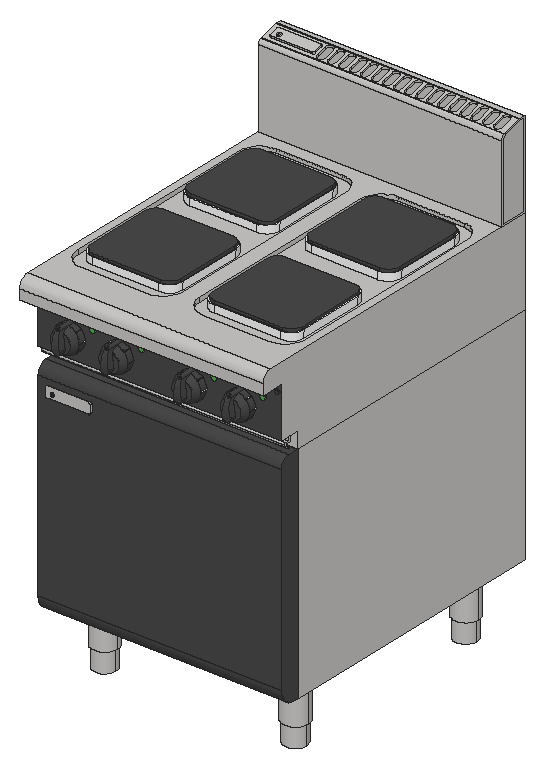
Revit family "QF_Moffat_RNB8400SE-CD_Electric_Cooktops_Sealed_Hobs_cat", category Specialty Equipment, Revit 2019 (continued)
Definition of nested family "High and Low Option"
  Definition of nested family "QF_LOGO_Waldorf"
    Forms (mm)
      Extrusion 3, solid
        sketch origin (16.271, 0, 0) x (-1, 0, 0) y (0, 0, -1)
          loop
            arc (1.521, -15.654) -> (5.846, -11.329) -> (1.521, -7.005) r 4.325
            line (1.521, -7.005) -> (1.521, -15.654)
        from 0 to 3.2
    Lines and regions (mm)
      Split face 1
        outline origin (0, -3.2, 0) x (1, 0, 0) y (0, 0, 1)
          loop
            spline (22.129, 16.975) -> (22.389, 15.984) -> (22.649, 15.002) -> (22.91, 14.028) -> (23.172, 13.065) -> (23.433, 12.11) -> (23.695, 11.166) -> (23.956, 10.232) -> (24.218, 9.308) -> (24.479, 8.396) -> (24.74, 7.495) -> (25, 6.605) -> (25.26, 5.728)
            line (25.26, 5.728) -> (29.463, 5.728)
            spline (29.463, 5.728) -> (29.582, 6.252) -> (29.701, 6.78) -> (29.82, 7.313) -> (29.939, 7.85) -> (30.058, 8.391) -> (30.178, 8.936) -> (30.297, 9.485) -> (30.416, 10.038) -> (30.536, 10.594) -> (30.655, 11.155) -> (30.775, 11.719) -> (30.894, 12.287)
            spline (30.894, 12.287) -> (31.018, 11.719) -> (31.142, 11.155) -> (31.266, 10.594) -> (31.39, 10.038) -> (31.514, 9.485) -> (31.638, 8.936) -> (31.762, 8.391) -> (31.885, 7.85) -> (32.009, 7.313) -> (32.133, 6.78) -> (32.256, 6.252) -> (32.379, 5.728)
            line (32.379, 5.728) -> (36.51, 5.728)
            spline (36.51, 5.728) -> (36.766, 6.605) -> (37.023, 7.495) -> (37.28, 8.396) -> (37.538, 9.308) -> (37.795, 10.232) -> (38.053, 11.166) -> (38.311, 12.11) -> (38.569, 13.065) -> (38.826, 14.028) -> (39.083, 15.002) -> (39.34, 15.984) -> (39.597, 16.975)
            line (39.597, 16.975) -> (35.637, 16.975)
            spline (35.637, 16.975) -> (35.523, 16.334) -> (35.41, 15.697) -> (35.296, 15.063) -> (35.182, 14.433) -> (35.068, 13.807) -> (34.954, 13.185) -> (34.84, 12.566) -> (34.726, 11.952) -> (34.612, 11.342) -> (34.497, 10.737) -> (34.383, 10.135) -> (34.269, 9.538)
            spline (34.269, 9.538) -> (34.138, 10.135) -> (34.008, 10.737) -> (33.877, 11.342) -> (33.746, 11.952) -> (33.616, 12.566) -> (33.485, 13.185) -> (33.354, 13.807) -> (33.224, 14.433) -> (33.093, 15.063) -> (32.963, 15.697) -> (32.833, 16.334) -> (32.703, 16.975)
            line (32.703, 16.975) -> (29.247, 16.975)
            spline (29.247, 16.975) -> (29.111, 16.334) -> (28.974, 15.697) -> (28.837, 15.063) -> (28.7, 14.433) -> (28.562, 13.807) -> (28.425, 13.185) -> (28.288, 12.566) -> (28.15, 11.952) -> (28.013, 11.342) -> (27.875, 10.737) -> (27.738, 10.135) -> (27.6, 9.538)
            spline (27.6, 9.538) -> (27.483, 10.135) -> (27.366, 10.737) -> (27.249, 11.342) -> (27.132, 11.952) -> (27.015, 12.566) -> (26.897, 13.185) -> (26.78, 13.807) -> (26.663, 14.433) -> (26.546, 15.063) -> (26.43, 15.697) -> (26.313, 16.334) -> (26.196, 16.975)
            line (26.196, 16.975) -> (22.129, 16.975)
      Split face 2
        outline origin (0, -3.2, 0) x (1, 0, 0) y (0, 0, 1)
          loop
            line (51.449, 5.728) -> (51.035, 6.606) -> (51.035, 11.169)
            spline (51.035, 11.169) -> (50.686, 12.42) -> (50.176, 13.224) -> (49.51, 13.708) -> (48.693, 13.995) -> (47.747, 14.152) -> (46.698, 14.207) -> (45.579, 14.186) -> (44.419, 14.114) -> (43.279, 13.929) -> (42.249, 13.481) -> (41.424, 12.614) -> (40.897, 11.169)
            line (40.897, 11.169) -> (44.617, 11.169) -> (44.988, 11.965)
            spline (44.988, 11.965) -> (47.294, 11.682) -> (46.856, 10.932) -> (45.527, 10.609) -> (43.858, 10.439) -> (42.259, 10.123) -> (41.078, 9.417) -> (40.563, 8.246) -> (40.689, 6.989) -> (41.407, 6.052) -> (42.774, 5.536) -> (44.847, 5.497) -> (47.306, 6.602)
            line (47.306, 6.602) -> (47.624, 5.728) -> (51.449, 5.728)
      Split face 3
        outline origin (0, -3.2, 0) x (1, 0, 0) y (0, 0, 1)
          loop
            line (47.264, 9.264) -> (44.938, 8.597)
            spline (44.938, 8.597) -> (44.508, 8.228) -> (44.402, 7.9) -> (44.548, 7.626) -> (44.877, 7.42) -> (45.317, 7.295) -> (45.797, 7.265) -> (46.252, 7.342) -> (46.65, 7.525) -> (46.971, 7.813) -> (47.194, 8.201) -> (47.298, 8.685) -> (47.264, 9.264)
      Split face 4
        outline origin (0, -3.2, 0) x (1, 0, 0) y (0, 0, 1)
          loop
            line (53.33, 16.975) -> (53.33, 5.728) -> (57.173, 5.728) -> (57.173, 16.975) -> (53.33, 16.975)
      Split face 5
        outline origin (0, -3.2, 0) x (1, 0, 0) y (0, 0, 1)
          loop
            line (65.795, 16.975) -> (65.795, 12.976)
            spline (65.795, 12.976) -> (63.839, 14.082) -> (62.087, 14.096) -> (60.633, 13.343) -> (59.574, 12.148) -> (58.99, 10.806) -> (58.867, 9.452) -> (59.156, 8.159) -> (59.81, 7) -> (60.786, 6.056) -> (62.111, 5.514) -> (63.868, 5.634) -> (66.137, 6.679)
            line (66.137, 6.679) -> (66.137, 5.728) -> (69.511, 5.728) -> (69.511, 16.975) -> (65.795, 16.975)
      Split face 6
        outline origin (0, -3.2, 0) x (1, 0, 0) y (0, 0, 1)
          loop
            spline (64.273, 7.499) -> (64.754, 7.57) -> (65.202, 7.777) -> (65.587, 8.106) -> (65.882, 8.535) -> (66.067, 9.034) -> (66.131, 9.57) -> (66.067, 10.106) -> (65.882, 10.605) -> (65.587, 11.034) -> (65.202, 11.363) -> (64.754, 11.57) -> (64.273, 11.64)
            spline (64.273, 11.64) -> (63.793, 11.57) -> (63.345, 11.363) -> (62.96, 11.034) -> (62.665, 10.605) -> (62.479, 10.106) -> (62.416, 9.57) -> (62.479, 9.034) -> (62.665, 8.535) -> (62.96, 8.106) -> (63.345, 7.777) -> (63.793, 7.57) -> (64.273, 7.499)
      Split face 7
        outline origin (0, -3.2, 0) x (1, 0, 0) y (0, 0, 1)
          loop
            spline (76.449, 5.305) -> (77.855, 5.457) -> (79.166, 5.901) -> (80.291, 6.607) -> (81.155, 7.527) -> (81.698, 8.599) -> (81.883, 9.749) -> (81.698, 10.899) -> (81.155, 11.97) -> (80.291, 12.891) -> (79.166, 13.597) -> (77.855, 14.041) -> (76.449, 14.192)
            spline (76.449, 14.192) -> (75.042, 14.041) -> (73.731, 13.597) -> (72.606, 12.891) -> (71.742, 11.97) -> (71.199, 10.899) -> (71.014, 9.749) -> (71.199, 8.599) -> (71.742, 7.527) -> (72.606, 6.607) -> (73.731, 5.901) -> (75.042, 5.457) -> (76.449, 5.305)
      Split face 8
        outline origin (0, -3.2, 0) x (1, 0, 0) y (0, 0, 1)
          loop
            spline (76.449, 7.654) -> (76.841, 7.725) -> (77.206, 7.934) -> (77.52, 8.267) -> (77.76, 8.701) -> (77.912, 9.206) -> (77.963, 9.749) -> (77.912, 10.291) -> (77.76, 10.796) -> (77.52, 11.23) -> (77.206, 11.563) -> (76.841, 11.772) -> (76.449, 11.843)
            spline (76.449, 11.843) -> (76.057, 11.772) -> (75.691, 11.563) -> (75.378, 11.23) -> (75.137, 10.796) -> (74.986, 10.291) -> (74.934, 9.749) -> (74.986, 9.206) -> (75.137, 8.701) -> (75.378, 8.267) -> (75.691, 7.934) -> (76.057, 7.725) -> (76.449, 7.654)
      Split face 9
        outline origin (0, -3.2, 0) x (1, 0, 0) y (0, 0, 1)
          loop
            line (86.998, 12.335) -> (86.998, 13.879) -> (83.479, 13.879) -> (83.479, 5.728) -> (87.312, 5.728) -> (87.312, 8.975)
            spline (87.312, 8.975) -> (87.364, 9.356) -> (87.458, 9.686) -> (87.594, 9.968) -> (87.769, 10.204) -> (87.982, 10.398) -> (88.229, 10.55) -> (88.509, 10.666) -> (88.82, 10.746) -> (89.16, 10.794) -> (89.525, 10.812) -> (89.915, 10.803) -> (90.327, 10.77)
            line (90.327, 10.77) -> (90.327, 14.113)
            spline (90.327, 14.113) -> (89.929, 14.127) -> (89.552, 14.111) -> (89.197, 14.066) -> (88.865, 13.991) -> (88.554, 13.887) -> (88.266, 13.754) -> (87.999, 13.591) -> (87.755, 13.399) -> (87.532, 13.177) -> (87.332, 12.926) -> (87.154, 12.645) -> (86.998, 12.335)
      Split face 10
        outline origin (0, -3.2, 0) x (1, 0, 0) y (0, 0, 1)
          loop
            line (92.082, 13.879) -> (90.894, 13.879) -> (90.894, 11.972) -> (92.082, 11.972) -> (92.082, 5.728) -> (95.871, 5.728) -> (95.871, 11.972) -> (97.5, 11.972) -> (97.5, 13.879) -> (95.871, 13.879)
            spline (95.871, 13.879) -> (95.843, 14.088) -> (95.845, 14.278) -> (95.877, 14.447) -> (95.939, 14.596) -> (96.03, 14.726) -> (96.151, 14.835) -> (96.301, 14.925) -> (96.482, 14.995) -> (96.692, 15.045) -> (96.931, 15.075) -> (97.201, 15.085) -> (97.5, 15.076)
            line (97.5, 15.076) -> (97.5, 17.266) -> (95.367, 17.266)
            spline (95.367, 17.266) -> (94.982, 17.253) -> (94.58, 17.21) -> (94.174, 17.132) -> (93.774, 17.013) -> (93.39, 16.846) -> (93.034, 16.627) -> (92.717, 16.349) -> (92.448, 16.007) -> (92.24, 15.595) -> (92.102, 15.106) -> (92.046, 14.537) -> (92.082, 13.879)
    Dimensions and locks
      equal spacing: plane 3 "LEFT", plane 7 "Center Y", plane 4 "RIGHT"
      "Length": plane 3 "LEFT" to plane 4 "RIGHT"
      equal spacing: plane 5 "FRONT", plane 8 "Center X", plane 1 "BACK"
      "Depth": plane 5 "FRONT" to plane 1 "BACK"
      "Height": plane 6 "TOP" to level
      plane 4 "RIGHT" to plane 3 "LEFT" = 138 mm
      aligned and locked: level to plane 2
    Automatic sketch dimensions
      Extrusion 1 sketch curve to plane 3 "LEFT" = 0 mm
      Extrusion 1 sketch curve to plane 6 "TOP" = 0 mm
      Extrusion 1 sketch curve to level = 0 mm
      plane 3 "LEFT" to Extrusion 1 sketch curve = 4 mm  (x2)
      Extrusion 1 sketch curve to Extrusion 1 sketch curve = 10.75 mm
      Extrusion 1 sketch curve to Extrusion 1 sketch curve = 0.5 mm
      plane 4 "RIGHT" to Extrusion 1 sketch curve = 33 mm
      Extrusion 1 sketch curve to Extrusion 1 sketch curve = 0 mm  (x3)
      Extrusion 1 sketch curve to Extrusion 1 sketch curve = 4 mm
      level to Extrusion 1 sketch curve = 3.464 mm  (x2)
      level to Extrusion 1 sketch curve = 7.005 mm
      Extrusion 1 sketch curve to Extrusion 1 sketch curve = 4.325 mm
      Extrusion 1 sketch curve to plane 6 "TOP" = 3.464 mm  (x2)
      Extrusion 2 sketch curve to Extrusion 2 sketch curve = 4.325 mm
      level to Extrusion 2 sketch curve = 7.005 mm
      plane 3 "LEFT" to Extrusion 2 sketch curve = 15.25 mm
      Extrusion 3 sketch curve to Extrusion 3 sketch curve = 4.325 mm
      Extrusion 3 sketch curve to level = 7.005 mm
      Extrusion 3 sketch curve to plane 3 "LEFT" = 14.75 mm
      Extrusion 1 to Split face 1 sketch curve = 6.879 mm
      Split face 1 sketch curve to Extrusion 1 = 5.728 mm
      Split face 1 sketch curve to Split face 1 sketch curve = 3.132 mm
      Split face 1 sketch curve to Split face 1 sketch curve = 4.068 mm
      Split face 1 sketch curve to Split face 1 sketch curve = 3.051 mm
      Split face 1 sketch curve to Split face 1 sketch curve = 4.203 mm
      Split face 1 sketch curve to Split face 1 sketch curve = 2.916 mm
      Split face 1 sketch curve to Split face 1 sketch curve = 3.456 mm
      Split face 1 sketch curve to Split face 1 sketch curve = 2.934 mm
      Split face 1 sketch curve to Split face 1 sketch curve = 4.131 mm
      Split face 1 sketch curve to Split face 1 sketch curve = 3.96 mm
      Split face 1 sketch curve to Split face 1 sketch curve = 0 mm  (x2)
      Split face 1 sketch curve to Extrusion 1 = 9.736 mm  (x2)
      Extrusion 1 to Split face 1 sketch curve = 6.337 mm
      Extrusion 1 to Split face 1 sketch curve = 6.231 mm
      Extrusion 1 to Split face 1 sketch curve = 3.184 mm
      Extrusion 1 to Split face 1 sketch curve = 13.135 mm
      Split face 1 sketch curve to Split face 1 sketch curve = 4.652 mm
      Split face 1 sketch curve to Split face 1 sketch curve = 3.593 mm
      Split face 1 sketch curve to Split face 1 sketch curve = 1.863 mm
      Split face 1 sketch curve to Split face 1 sketch curve = 0.713 mm
      Split face 1 sketch curve to Split face 1 sketch curve = 2.684 mm
      Split face 1 sketch curve to Split face 1 sketch curve = 3.294 mm
      Split face 1 sketch curve to Split face 1 sketch curve = 0.459 mm
      Split face 1 sketch curve to Split face 1 sketch curve = 2.775 mm
      Split face 1 sketch curve to Split face 1 sketch curve = 1.89 mm
      Split face 1 sketch curve to Split face 1 sketch curve = 0.685 mm
      Split face 1 sketch curve to Split face 1 sketch curve = 9.486 mm
      Split face 1 sketch curve to Split face 1 sketch curve = 16.213 mm
      Split face 1 sketch curve to Split face 1 sketch curve = 3.48 mm
      Split face 1 sketch curve to Split face 1 sketch curve = 4.918 mm
      Split face 1 sketch curve to Split face 1 sketch curve = 7.609 mm
      Split face 1 sketch curve to Split face 1 sketch curve = 0.01 mm  (x2)
      Split face 1 sketch curve to Split face 1 sketch curve = 0.002 mm
      Split face 2 sketch curve to Extrusion 1 = 11.169 mm
      Extrusion 1 to Split face 2 sketch curve = 25.647 mm
      Split face 2 sketch curve to Split face 2 sketch curve = 3.72 mm
      Split face 2 sketch curve to Extrusion 1 = 11.965 mm
      Split face 2 sketch curve to Split face 2 sketch curve = 0.371 mm
      Split face 2 sketch curve to Extrusion 1 = 6.602 mm
      Split face 2 sketch curve to Split face 2 sketch curve = 2.689 mm
      Split face 2 sketch curve to Split face 2 sketch curve = 0.318 mm
      Split face 2 sketch curve to Split face 2 sketch curve = 3.729 mm
      Split face 2 sketch curve to Split face 2 sketch curve = 0.414 mm
      Split face 2 sketch curve to Split face 2 sketch curve = 0.875 mm
      Split face 2 sketch curve to Split face 2 sketch curve = 0.878 mm
      Split face 3 sketch curve to Extrusion 1 = 8.597 mm
      Extrusion 1 to Split face 3 sketch curve = 29.688 mm
      Split face 3 sketch curve to Extrusion 1 = 9.264 mm
      Split face 3 sketch curve to Split face 3 sketch curve = 2.326 mm
      Split face 4 sketch curve to Extrusion 1 = 5.728 mm
      Extrusion 1 to Split face 4 sketch curve = 38.08 mm
      Split face 4 sketch curve to Split face 4 sketch curve = 3.843 mm
      Split face 4 sketch curve to Extrusion 1 = 9.736 mm
      Split face 5 sketch curve to Extrusion 1 = 12.976 mm
      Split face 5 sketch curve to Extrusion 1 = 43.205 mm
      Split face 5 sketch curve to Extrusion 1 = 6.679 mm
      Split face 5 sketch curve to Split face 5 sketch curve = 0.342 mm
      Split face 5 sketch curve to Split face 5 sketch curve = 3.375 mm
      Split face 5 sketch curve to Split face 5 sketch curve = 0.952 mm
      Split face 5 sketch curve to Split face 5 sketch curve = 3.998 mm
      Split face 6 sketch curve to Extrusion 1 = 7.499 mm
      Split face 6 sketch curve to Extrusion 1 = 44.727 mm
      Split face 6 sketch curve to Split face 6 sketch curve = 2.07 mm
      Split face 7 sketch curve to Extrusion 1 = 5.305 mm
      Split face 7 sketch curve to Extrusion 1 = 32.551 mm
      Split face 7 sketch curve to Split face 7 sketch curve = 4.443 mm
      Split face 8 sketch curve to Split face 8 sketch curve = 2.095 mm
      Split face 8 sketch curve to Extrusion 1 = 7.654 mm
      Split face 8 sketch curve to Extrusion 1 = 32.551 mm
      Split face 9 sketch curve to Extrusion 1 = 5.728 mm
      Split face 9 sketch curve to Extrusion 1 = 25.521 mm
      Split face 9 sketch curve to Split face 9 sketch curve = 3.519 mm
      Split face 9 sketch curve to Split face 9 sketch curve = 0.315 mm
      Split face 9 sketch curve to Split face 9 sketch curve = 3.33 mm
      Split face 9 sketch curve to Split face 9 sketch curve = 3.248 mm
      Split face 9 sketch curve to Split face 9 sketch curve = 1.795 mm
      Split face 9 sketch curve to Split face 9 sketch curve = 3.36 mm
      Split face 9 sketch curve to Split face 9 sketch curve = 1.545 mm
      Split face 9 sketch curve to Split face 9 sketch curve = 0.233 mm
      Split face 10 sketch curve to Extrusion 1 = 18.106 mm
      Split face 10 sketch curve to Split face 10 sketch curve = 1.188 mm  (x2)
      Split face 10 sketch curve to Split face 10 sketch curve = 3.285 mm
      Split face 10 sketch curve to Split face 10 sketch curve = 3.789 mm
      Split face 10 sketch curve to Split face 10 sketch curve = 0 mm  (x2)
      Split face 10 sketch curve to Split face 10 sketch curve = 1.629 mm
      Split face 10 sketch curve to Split face 10 sketch curve = 2.133 mm
      Split face 10 sketch curve to Extrusion 1 = 5.728 mm
      Split face 10 sketch curve to Split face 10 sketch curve = 6.245 mm
      Split face 10 sketch curve to Split face 10 sketch curve = 1.907 mm  (x2)
      Split face 10 sketch curve to Split face 10 sketch curve = 1.197 mm
      Split face 10 sketch curve to Split face 10 sketch curve = 2.19 mm
  Definition of nested family "QF_LOGO_Waldorf1"
    Parameters (values of type "QF_LOGO_Waldorf1")
      Weight in Pounds = 0
      URL Cutsheet = ""
      Specification by User = ""
      Specification by Manufacturer = ""
      Serial Number = ""
      Seismic Rating = ""
      SMACNA No = ""
      Revision Code = ""
      NAFEM Spec ID Number = ""
      Masterspec = ""
      Length = 138 mm
      Item Number = ""
      Installed By = ""
      Identify Quantity as Lot = yes
      Height = 26.711 mm
      Furnished By = ""
      Foodservice Equipment Identifier = yes
      Depth = 3.175 mm
      CSI MasterFormat = ""
    Reference planes
      plane 1 "BACK": y = 0
      plane 2: z = 0
      plane 3 "LEFT": x = 0
      plane 4 "RIGHT": x = 138
      plane 5 "FRONT": y = -3.175
      plane 6 "TOP": z = 26.711
      plane 7 "Center Y": x = 69
      plane 8 "Center X": y = -1.587
    Forms (mm)
      Extrusion 1, solid
        sketch origin (0, -12.9, 9.899) x (1, 0, 0) y (0, 0.965926, 0.258819)
          loop
            line (109, 3.464) -> (109, 23.247)
            spline (109, 23.247) -> (108.966, 23.699) -> (108.864, 24.143) -> (108.696, 24.572) -> (108.464, 24.979) -> (108.173, 25.355) -> (107.828, 25.696) -> (107.435, 25.995) -> (107, 26.247) -> (106.531, 26.447) -> (106.035, 26.593) -> (105.522, 26.681) -> (105, 26.711)
            line (105, 26.711) -> (4, 26.711)
            spline (4, 26.711) -> (3.478, 26.681) -> (2.965, 26.593) -> (2.469, 26.447) -> (2, 26.247) -> (1.565, 25.995) -> (1.172, 25.696) -> (0.827, 25.355) -> (0.536, 24.979) -> (0.304, 24.572) -> (0.136, 24.143) -> (0.034, 23.699) -> (0, 23.247)
            line (0, 23.247) -> (0, 3.464)
            spline (0, 3.464) -> (0.034, 3.012) -> (0.136, 2.568) -> (0.304, 2.138) -> (0.536, 1.732) -> (0.827, 1.355) -> (1.172, 1.015) -> (1.565, 0.716) -> (2, 0.464) -> (2.469, 0.264) -> (2.965, 0.118) -> (3.478, 0.03) -> (4, 0)
            line (4, 0) -> (105, 0)
            spline (105, 0) -> (105.522, 0.03) -> (106.035, 0.118) -> (106.531, 0.264) -> (107, 0.464) -> (107.435, 0.716) -> (107.828, 1.015) -> (108.173, 1.355) -> (108.464, 1.732) -> (108.696, 2.138) -> (108.864, 2.568) -> (108.966, 3.012) -> (109, 3.464)
          loop
            line (14.75, 7.005) -> (14.75, 15.654)
            arc (14.75, 15.654) -> (10.425, 11.329) -> (14.75, 7.005) r 4.325
          loop
            line (15.25, 15.654) -> (15.25, 7.005)
            arc (15.25, 7.005) -> (19.575, 11.329) -> (15.25, 15.654) r 4.325
        from 0 to 3.2
      Extrusion 2, solid
        sketch origin (0, -12.9, 9.899) x (1, 0, 0) y (0, 0.965926, 0.258819)
          loop
            line (15.25, 15.654) -> (15.25, 7.005)
            arc (15.25, 7.005) -> (19.575, 11.329) -> (15.25, 15.654) r 4.325
        from 0 to 3.2
      Extrusion 3, solid
        sketch origin (16.271, -12.9, 9.899) x (-1, 0, 0) y (0, -0.965926, -0.258819)
          loop
            arc (1.521, -15.654) -> (5.846, -11.329) -> (1.521, -7.005) r 4.325
            line (1.521, -7.005) -> (1.521, -15.654)
        from 0 to 3.2
    Lines and regions (mm)
      Split face 1
        outline origin (0, -13.729, 12.99) x (1, 0, 0) y (0, 0.965926, 0.258819)
          loop
            spline (22.129, 16.975) -> (22.389, 15.984) -> (22.649, 15.002) -> (22.91, 14.028) -> (23.172, 13.065) -> (23.433, 12.11) -> (23.695, 11.166) -> (23.956, 10.232) -> (24.218, 9.308) -> (24.479, 8.396) -> (24.74, 7.495) -> (25, 6.605) -> (25.26, 5.728)
            line (25.26, 5.728) -> (29.463, 5.728)
            spline (29.463, 5.728) -> (29.582, 6.252) -> (29.701, 6.78) -> (29.82, 7.313) -> (29.939, 7.85) -> (30.058, 8.391) -> (30.178, 8.936) -> (30.297, 9.485) -> (30.416, 10.038) -> (30.536, 10.594) -> (30.655, 11.155) -> (30.775, 11.719) -> (30.894, 12.287)
            spline (30.894, 12.287) -> (31.018, 11.719) -> (31.142, 11.155) -> (31.266, 10.594) -> (31.39, 10.038) -> (31.514, 9.485) -> (31.638, 8.936) -> (31.762, 8.391) -> (31.885, 7.85) -> (32.009, 7.313) -> (32.133, 6.78) -> (32.256, 6.252) -> (32.379, 5.728)
            line (32.379, 5.728) -> (36.51, 5.728)
            spline (36.51, 5.728) -> (36.766, 6.605) -> (37.023, 7.495) -> (37.28, 8.396) -> (37.538, 9.308) -> (37.795, 10.232) -> (38.053, 11.166) -> (38.311, 12.11) -> (38.569, 13.065) -> (38.826, 14.028) -> (39.083, 15.002) -> (39.34, 15.984) -> (39.597, 16.975)
            line (39.597, 16.975) -> (35.637, 16.975)
            spline (35.637, 16.975) -> (35.523, 16.334) -> (35.41, 15.697) -> (35.296, 15.063) -> (35.182, 14.433) -> (35.068, 13.807) -> (34.954, 13.185) -> (34.84, 12.566) -> (34.726, 11.952) -> (34.612, 11.342) -> (34.497, 10.737) -> (34.383, 10.135) -> (34.269, 9.538)
            spline (34.269, 9.538) -> (34.138, 10.135) -> (34.008, 10.737) -> (33.877, 11.342) -> (33.746, 11.952) -> (33.616, 12.566) -> (33.485, 13.185) -> (33.354, 13.807) -> (33.224, 14.433) -> (33.093, 15.063) -> (32.963, 15.697) -> (32.833, 16.334) -> (32.703, 16.975)
            line (32.703, 16.975) -> (29.247, 16.975)
            spline (29.247, 16.975) -> (29.111, 16.334) -> (28.974, 15.697) -> (28.837, 15.063) -> (28.7, 14.433) -> (28.562, 13.807) -> (28.425, 13.185) -> (28.288, 12.566) -> (28.15, 11.952) -> (28.013, 11.342) -> (27.875, 10.737) -> (27.738, 10.135) -> (27.6, 9.538)
            spline (27.6, 9.538) -> (27.483, 10.135) -> (27.366, 10.737) -> (27.249, 11.342) -> (27.132, 11.952) -> (27.015, 12.566) -> (26.897, 13.185) -> (26.78, 13.807) -> (26.663, 14.433) -> (26.546, 15.063) -> (26.43, 15.697) -> (26.313, 16.334) -> (26.196, 16.975)
            line (26.196, 16.975) -> (22.129, 16.975)
      Split face 2
        outline origin (0, -13.729, 12.99) x (1, 0, 0) y (0, 0.965926, 0.258819)
          loop
            line (51.449, 5.728) -> (51.035, 6.606) -> (51.035, 11.169)
            spline (51.035, 11.169) -> (50.686, 12.42) -> (50.176, 13.224) -> (49.51, 13.708) -> (48.693, 13.995) -> (47.747, 14.152) -> (46.698, 14.207) -> (45.579, 14.186) -> (44.419, 14.114) -> (43.279, 13.929) -> (42.249, 13.481) -> (41.424, 12.614) -> (40.897, 11.169)
            line (40.897, 11.169) -> (44.617, 11.169) -> (44.988, 11.965)
            spline (44.988, 11.965) -> (47.294, 11.682) -> (46.856, 10.932) -> (45.527, 10.609) -> (43.858, 10.439) -> (42.259, 10.123) -> (41.078, 9.417) -> (40.563, 8.246) -> (40.689, 6.989) -> (41.407, 6.052) -> (42.774, 5.536) -> (44.847, 5.497) -> (47.306, 6.602)
            line (47.306, 6.602) -> (47.624, 5.728) -> (51.449, 5.728)
      Split face 3
        outline origin (0, -13.729, 12.99) x (1, 0, 0) y (0, 0.965926, 0.258819)
          loop
            line (47.264, 9.264) -> (44.938, 8.597)
            spline (44.938, 8.597) -> (44.508, 8.228) -> (44.402, 7.9) -> (44.548, 7.626) -> (44.877, 7.42) -> (45.317, 7.295) -> (45.797, 7.265) -> (46.252, 7.342) -> (46.65, 7.525) -> (46.971, 7.813) -> (47.194, 8.201) -> (47.298, 8.685) -> (47.264, 9.264)
      Split face 4
        outline origin (0, -13.729, 12.99) x (1, 0, 0) y (0, 0.965926, 0.258819)
          loop
            line (53.33, 16.975) -> (53.33, 5.728) -> (57.173, 5.728) -> (57.173, 16.975) -> (53.33, 16.975)
      Split face 5
        outline origin (0, -13.729, 12.99) x (1, 0, 0) y (0, 0.965926, 0.258819)
          loop
            line (65.795, 16.975) -> (65.795, 12.976)
            spline (65.795, 12.976) -> (63.839, 14.082) -> (62.087, 14.096) -> (60.633, 13.343) -> (59.574, 12.148) -> (58.99, 10.806) -> (58.867, 9.452) -> (59.156, 8.159) -> (59.81, 7) -> (60.786, 6.056) -> (62.111, 5.514) -> (63.868, 5.634) -> (66.137, 6.679)
            line (66.137, 6.679) -> (66.137, 5.728) -> (69.511, 5.728) -> (69.511, 16.975) -> (65.795, 16.975)
      Split face 6
        outline origin (0, -13.729, 12.99) x (1, 0, 0) y (0, 0.965926, 0.258819)
          loop
            spline (64.273, 7.499) -> (64.754, 7.57) -> (65.202, 7.777) -> (65.587, 8.106) -> (65.882, 8.535) -> (66.067, 9.034) -> (66.131, 9.57) -> (66.067, 10.106) -> (65.882, 10.605) -> (65.587, 11.034) -> (65.202, 11.363) -> (64.754, 11.57) -> (64.273, 11.64)
            spline (64.273, 11.64) -> (63.793, 11.57) -> (63.345, 11.363) -> (62.96, 11.034) -> (62.665, 10.605) -> (62.479, 10.106) -> (62.416, 9.57) -> (62.479, 9.034) -> (62.665, 8.535) -> (62.96, 8.106) -> (63.345, 7.777) -> (63.793, 7.57) -> (64.273, 7.499)
      Split face 7
        outline origin (0, -13.729, 12.99) x (1, 0, 0) y (0, 0.965926, 0.258819)
          loop
            spline (76.449, 5.305) -> (77.855, 5.457) -> (79.166, 5.901) -> (80.291, 6.607) -> (81.155, 7.527) -> (81.698, 8.599) -> (81.883, 9.749) -> (81.698, 10.899) -> (81.155, 11.97) -> (80.291, 12.891) -> (79.166, 13.597) -> (77.855, 14.041) -> (76.449, 14.192)
            spline (76.449, 14.192) -> (75.042, 14.041) -> (73.731, 13.597) -> (72.606, 12.891) -> (71.742, 11.97) -> (71.199, 10.899) -> (71.014, 9.749) -> (71.199, 8.599) -> (71.742, 7.527) -> (72.606, 6.607) -> (73.731, 5.901) -> (75.042, 5.457) -> (76.449, 5.305)
      Split face 8
        outline origin (0, -13.729, 12.99) x (1, 0, 0) y (0, 0.965926, 0.258819)
          loop
            spline (76.449, 7.654) -> (76.841, 7.725) -> (77.206, 7.934) -> (77.52, 8.267) -> (77.76, 8.701) -> (77.912, 9.206) -> (77.963, 9.749) -> (77.912, 10.291) -> (77.76, 10.796) -> (77.52, 11.23) -> (77.206, 11.563) -> (76.841, 11.772) -> (76.449, 11.843)
            spline (76.449, 11.843) -> (76.057, 11.772) -> (75.691, 11.563) -> (75.378, 11.23) -> (75.137, 10.796) -> (74.986, 10.291) -> (74.934, 9.749) -> (74.986, 9.206) -> (75.137, 8.701) -> (75.378, 8.267) -> (75.691, 7.934) -> (76.057, 7.725) -> (76.449, 7.654)
      Split face 9
        outline origin (0, -13.729, 12.99) x (1, 0, 0) y (0, 0.965926, 0.258819)
          loop
            line (86.998, 12.335) -> (86.998, 13.879) -> (83.479, 13.879) -> (83.479, 5.728) -> (87.312, 5.728) -> (87.312, 8.975)
            spline (87.312, 8.975) -> (87.364, 9.356) -> (87.458, 9.686) -> (87.594, 9.968) -> (87.769, 10.204) -> (87.982, 10.398) -> (88.229, 10.55) -> (88.509, 10.666) -> (88.82, 10.746) -> (89.16, 10.794) -> (89.525, 10.812) -> (89.915, 10.803) -> (90.327, 10.77)
            line (90.327, 10.77) -> (90.327, 14.113)
            spline (90.327, 14.113) -> (89.929, 14.127) -> (89.552, 14.111) -> (89.197, 14.066) -> (88.865, 13.991) -> (88.554, 13.887) -> (88.266, 13.754) -> (87.999, 13.591) -> (87.755, 13.399) -> (87.532, 13.177) -> (87.332, 12.926) -> (87.154, 12.645) -> (86.998, 12.335)
      Split face 10
        outline origin (0, -13.729, 12.99) x (1, 0, 0) y (0, 0.965926, 0.258819)
          loop
            line (92.082, 13.879) -> (90.894, 13.879) -> (90.894, 11.972) -> (92.082, 11.972) -> (92.082, 5.728) -> (95.871, 5.728) -> (95.871, 11.972) -> (97.5, 11.972) -> (97.5, 13.879) -> (95.871, 13.879)
            spline (95.871, 13.879) -> (95.843, 14.088) -> (95.845, 14.278) -> (95.877, 14.447) -> (95.939, 14.596) -> (96.03, 14.726) -> (96.151, 14.835) -> (96.301, 14.925) -> (96.482, 14.995) -> (96.692, 15.045) -> (96.931, 15.075) -> (97.201, 15.085) -> (97.5, 15.076)
            line (97.5, 15.076) -> (97.5, 17.266) -> (95.367, 17.266)
            spline (95.367, 17.266) -> (94.982, 17.253) -> (94.58, 17.21) -> (94.174, 17.132) -> (93.774, 17.013) -> (93.39, 16.846) -> (93.034, 16.627) -> (92.717, 16.349) -> (92.448, 16.007) -> (92.24, 15.595) -> (92.102, 15.106) -> (92.046, 14.537) -> (92.082, 13.879)
    Dimensions and locks
      equal spacing: plane 3 "LEFT", plane 7 "Center Y", plane 4 "RIGHT"
      "Length": plane 3 "LEFT" to plane 4 "RIGHT"
      equal spacing: plane 5 "FRONT", plane 8 "Center X", plane 1 "BACK"
      "Depth": plane 5 "FRONT" to plane 1 "BACK"
      "Height": plane 6 "TOP" to level
      plane 4 "RIGHT" to plane 3 "LEFT" = 138 mm
      aligned and locked: level to plane 2
    Automatic sketch dimensions
      Extrusion 1 sketch curve to plane 3 "LEFT" = 0 mm
      plane 3 "LEFT" to Extrusion 1 sketch curve = 4 mm  (x2)
      Extrusion 1 sketch curve to Extrusion 1 sketch curve = 10.75 mm
      Extrusion 1 sketch curve to Extrusion 1 sketch curve = 0.5 mm
      plane 4 "RIGHT" to Extrusion 1 sketch curve = 33 mm
      Extrusion 1 sketch curve to Extrusion 1 sketch curve = 0 mm  (x3)
      Extrusion 1 sketch curve to Extrusion 1 sketch curve = 4 mm
      Extrusion 1 sketch curve to Extrusion 1 sketch curve = 3.464 mm  (x3)
      Extrusion 1 sketch curve to Extrusion 1 sketch curve = 3.541 mm
      Extrusion 1 sketch curve to Extrusion 1 sketch curve = 4.325 mm
      Extrusion 1 sketch curve to Extrusion 1 sketch curve = 19.783 mm
      Extrusion 1 sketch curve to Extrusion 1 sketch curve = 7.592 mm
      plane 3 "LEFT" to Extrusion 2 sketch curve = 15.25 mm
      Extrusion 2 sketch curve to Extrusion 2 sketch curve = 4.325 mm
      plane 3 "LEFT" to Extrusion 3 sketch curve = 14.75 mm
      Extrusion 3 sketch curve to Extrusion 3 sketch curve = 4.325 mm
      Extrusion 1 to Split face 1 sketch curve = 6.879 mm
      Split face 1 sketch curve to Extrusion 1 = 5.728 mm
      Split face 1 sketch curve to Split face 1 sketch curve = 3.132 mm
      Split face 1 sketch curve to Split face 1 sketch curve = 4.068 mm
      Split face 1 sketch curve to Split face 1 sketch curve = 3.051 mm
      Split face 1 sketch curve to Split face 1 sketch curve = 4.203 mm
      Split face 1 sketch curve to Split face 1 sketch curve = 2.916 mm
      Split face 1 sketch curve to Split face 1 sketch curve = 3.456 mm
      Split face 1 sketch curve to Split face 1 sketch curve = 2.934 mm
      Split face 1 sketch curve to Split face 1 sketch curve = 4.131 mm
      Split face 1 sketch curve to Split face 1 sketch curve = 3.96 mm
      Split face 1 sketch curve to Split face 1 sketch curve = 0 mm  (x2)
      Split face 1 sketch curve to Extrusion 1 = 9.736 mm  (x2)
      Extrusion 1 to Split face 1 sketch curve = 6.337 mm
      Extrusion 1 to Split face 1 sketch curve = 6.231 mm
      Extrusion 1 to Split face 1 sketch curve = 3.184 mm
      Extrusion 1 to Split face 1 sketch curve = 13.135 mm
      Split face 1 sketch curve to Split face 1 sketch curve = 4.652 mm
      Split face 1 sketch curve to Split face 1 sketch curve = 3.593 mm
      Split face 1 sketch curve to Split face 1 sketch curve = 1.863 mm
      Split face 1 sketch curve to Split face 1 sketch curve = 0.713 mm
      Split face 1 sketch curve to Split face 1 sketch curve = 2.684 mm
      Split face 1 sketch curve to Split face 1 sketch curve = 3.294 mm
      Split face 1 sketch curve to Split face 1 sketch curve = 0.459 mm
      Split face 1 sketch curve to Split face 1 sketch curve = 2.775 mm
      Split face 1 sketch curve to Split face 1 sketch curve = 1.89 mm
      Split face 1 sketch curve to Split face 1 sketch curve = 0.685 mm
      Split face 1 sketch curve to Split face 1 sketch curve = 9.486 mm
      Split face 1 sketch curve to Split face 1 sketch curve = 16.213 mm
      Split face 1 sketch curve to Split face 1 sketch curve = 3.48 mm
      Split face 1 sketch curve to Split face 1 sketch curve = 4.918 mm
      Split face 1 sketch curve to Split face 1 sketch curve = 7.609 mm
      Split face 1 sketch curve to Split face 1 sketch curve = 0.01 mm  (x2)
      Split face 1 sketch curve to Split face 1 sketch curve = 0.002 mm
      Split face 2 sketch curve to Extrusion 1 = 11.169 mm
      Extrusion 1 to Split face 2 sketch curve = 25.647 mm
      Split face 2 sketch curve to Split face 2 sketch curve = 3.72 mm
      Split face 2 sketch curve to Extrusion 1 = 11.965 mm
      Split face 2 sketch curve to Split face 2 sketch curve = 0.371 mm
      Split face 2 sketch curve to Extrusion 1 = 6.602 mm
      Split face 2 sketch curve to Split face 2 sketch curve = 2.689 mm
      Split face 2 sketch curve to Split face 2 sketch curve = 0.318 mm
      Split face 2 sketch curve to Split face 2 sketch curve = 3.729 mm
      Split face 2 sketch curve to Split face 2 sketch curve = 0.414 mm
      Split face 2 sketch curve to Split face 2 sketch curve = 0.875 mm
      Split face 2 sketch curve to Split face 2 sketch curve = 0.878 mm
      Split face 3 sketch curve to Extrusion 1 = 8.597 mm
      Extrusion 1 to Split face 3 sketch curve = 29.688 mm
      Split face 3 sketch curve to Extrusion 1 = 9.264 mm
      Split face 3 sketch curve to Split face 3 sketch curve = 2.326 mm
      Split face 4 sketch curve to Extrusion 1 = 5.728 mm
      Extrusion 1 to Split face 4 sketch curve = 38.08 mm
      Split face 4 sketch curve to Split face 4 sketch curve = 3.843 mm
      Split face 4 sketch curve to Extrusion 1 = 9.736 mm
      Split face 5 sketch curve to Extrusion 1 = 9.736 mm
      Split face 5 sketch curve to Extrusion 1 = 43.205 mm
      Split face 5 sketch curve to Extrusion 1 = 6.679 mm
      Split face 5 sketch curve to Split face 5 sketch curve = 0.342 mm
      Split face 5 sketch curve to Split face 5 sketch curve = 3.375 mm
      Split face 5 sketch curve to Split face 5 sketch curve = 0.952 mm
      Split face 5 sketch curve to Split face 5 sketch curve = 3.998 mm
      Split face 6 sketch curve to Extrusion 1 = 7.499 mm
      Split face 6 sketch curve to Extrusion 1 = 44.727 mm
      Split face 6 sketch curve to Split face 6 sketch curve = 2.07 mm
      Split face 7 sketch curve to Extrusion 1 = 5.305 mm
      Split face 7 sketch curve to Extrusion 1 = 32.551 mm
      Split face 7 sketch curve to Split face 7 sketch curve = 4.443 mm
      Split face 8 sketch curve to Extrusion 1 = 7.654 mm
      Split face 8 sketch curve to Extrusion 1 = 32.551 mm
      Split face 8 sketch curve to Split face 8 sketch curve = 2.095 mm
      Split face 9 sketch curve to Extrusion 1 = 5.728 mm
      Split face 9 sketch curve to Extrusion 1 = 25.521 mm
      Split face 9 sketch curve to Split face 9 sketch curve = 3.519 mm
      Split face 9 sketch curve to Split face 9 sketch curve = 0.315 mm
      Split face 9 sketch curve to Split face 9 sketch curve = 3.33 mm
      Split face 9 sketch curve to Split face 9 sketch curve = 3.248 mm
      Split face 9 sketch curve to Split face 9 sketch curve = 1.795 mm
      Split face 9 sketch curve to Split face 9 sketch curve = 3.36 mm
      Split face 9 sketch curve to Split face 9 sketch curve = 1.545 mm
      Split face 9 sketch curve to Split face 9 sketch curve = 0.233 mm
      Split face 10 sketch curve to Extrusion 1 = 18.106 mm
      Split face 10 sketch curve to Split face 10 sketch curve = 1.188 mm  (x2)
      Split face 10 sketch curve to Split face 10 sketch curve = 3.285 mm
      Split face 10 sketch curve to Split face 10 sketch curve = 3.789 mm
      Split face 10 sketch curve to Split face 10 sketch curve = 0 mm  (x2)
      Split face 10 sketch curve to Split face 10 sketch curve = 1.629 mm
      Split face 10 sketch curve to Split face 10 sketch curve = 2.133 mm
      Split face 10 sketch curve to Extrusion 1 = 5.728 mm
      Split face 10 sketch curve to Split face 10 sketch curve = 6.245 mm
      Split face 10 sketch curve to Split face 10 sketch curve = 1.907 mm  (x2)
      Split face 10 sketch curve to Split face 10 sketch curve = 1.197 mm
      Split face 10 sketch curve to Split face 10 sketch curve = 2.19 mm
